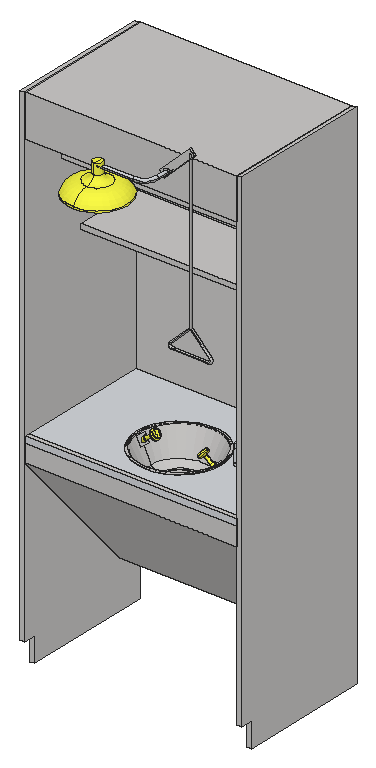
Revit family
Parameters
  Work Surface Panel Depth = 0' - 4"
  Wood Thickness = 0' - 0 3/4"
  Width [instance] = 3' - 0"
  URL = ""
  Special Size [instance] = "SPL"
  Model = ""
  Material [instance] = Stainless Steel
  MasterFormat Section Title = "Casework"
  MasterFormat Section Number = "12 30 00"
  Manufacturer = ""
  Height [instance] = 2' - 10"
  Description = "ADA Sink Base"
  Depth [instance] = 2' - 0"
  Assembly Code = "E2010200"
Reference planes (in)
  plane 1 "Center F/B": y = 0
  plane 2: z = 0
  plane 3 "Center L/R": x = 0
  plane 4: x = 18
  plane 5: x = -18
  plane 6: y = -24
  plane 7 "Top": z = 34
  plane 8: x = 6.88976
Forms (in)
  Extrusion 1, solid, material "Stainless Steel" <- "Material"
    sketch origin (-18, -180, 74.19685) x (0, 0, 1) y (0, -1, 0)
      loop
        line (9.80315, -180) -> (9.80315, -156.75) -> (-70.19685, -156.75) -> (-70.19685, -158.75) -> (-74.19685, -158.75) -> (-74.19685, -180) -> (9.80315, -180)
    from 0 to 0.75
  Extrusion 2, solid, material "Stainless Steel" <- "Material"
    sketch origin (18, -180, 74.19685) x (0, 0, 1) y (0, -1, 0)
      loop
        line (9.80315, -180) -> (9.80315, -156.75) -> (-70.19685, -156.75) -> (-70.19685, -158.75) -> (-74.19685, -158.75) -> (-74.19685, -180) -> (9.80315, -180)
    from -0.75 to 0
  Extrusion 3, solid, material "Stainless Steel" <- "Material"
    sketch origin (0, 0, 0) x (0, 1, 0) y (0, 0, 1)
      loop
        line (-0.75, 83.25) -> (-0.75, 72) -> (-16, 72) -> (-16, 71.25) -> (-0.75, 71.25) -> (-0.75, 60) -> (-12, 60) -> (-12, 59.25) -> (-0.75, 59.25) -> (-0.75, 8.49967) -> (-3.65714, 8.49967) -> (-22.5, 30.27941) -> (-22.5, 34) -> (-23.25, 34) -> (-23.25, 30) -> (-4, 7.74967) -> (0, 7.74967) -> (0, 84) -> (-23.25, 84) -> (-23.25, 77.25) -> (-22.5, 77.25) -> (-22.5, 83.25) -> (-0.75, 83.25)
    from -17.25 to 17.25
  Revolve 4, solid, material "Plastic_Yellow"
    sketch origin (0, 8.93292, -5.37008) x (0, -1, 0) y (0, 0, -1)
      loop
        line (38.97032, -88.41872) -> (38.97032, -83.85827) -> (34.44276, -83.85827) -> (34.44276, -83.66142) -> (34.04906, -83.66142) -> (34.04906, -83.85827)
        arc (34.04906, -83.85827) -> (35.16685, -85.1488) -> (36.80497, -85.62992) r 3.02931
        arc (36.80497, -85.62992) -> (37.7124, -85.9656) -> (38.18292, -86.81102) r 1.39436
        line (38.18292, -86.81102) -> (38.18292, -88.41872) -> (38.97032, -88.41872)
      axis (38.97032, -83.66142) -> (38.97032, -88.41872)
    angle from 0 to 360
  Extrusion 5, solid, material "Stainless Steel"
    sketch origin (-5.23319, -24.13011, -9.9439) x (1, 0, 0) y (0, 0, -1)
      loop
        circle (13.18898, -92.51969) r 0.3937
    from 0 to -1.9685
  Extrusion 6, solid, material "Stainless Steel"
    sketch origin (-5.23319, -24.13011, -9.9439) x (1, 0, 0) y (0, 0, -1)
      loop
        line (16.94722, -97.1131) -> (17.78239, -96.27793) -> (12.91059, -91.40613) -> (12.07542, -92.2413) -> (16.94722, -97.1131)
    from -1.77165 to -1.5748
  Sweep 7, solid, material "Stainless Steel"
    path origin (-5.23319, -24.13011, -9.9439) x (1, 0, 0) y (0, 0, -1)
      loop
        line (16.94722, -96.25984) -> (16.94722, -70.86614) -> (13.6823, -67.60122)
        arc (13.6823, -67.60122) -> (13.59696, -67.17217) -> (13.96069, -66.92913) r 0.3937
        line (13.96069, -66.92913) -> (19.93375, -66.92913)
        arc (19.93375, -66.92913) -> (20.29748, -67.17217) -> (20.21214, -67.60122) r 0.3937
        line (20.21214, -67.60122) -> (17.08642, -70.72695)
    profile origin (11.71403, -24.13011, 73.61909) x (0, 1, 0) y (-1, 0, 0)
      loop
        circle (-1.67323, 0) r 0.13919
  Revolve 8, solid, material "Stainless Steel"
    sketch origin (0, 4.6437, -5.37008) x (0, -1, 0) y (0, 0, -1)
      loop
        line (18.11024, -34.44882) -> (18.11024, -32.87402) -> (17.20472, -32.87402) -> (17.20472, -34.05512) -> (17.08661, -34.05512) -> (17.08661, -34.44882) -> (18.11024, -34.44882)
      axis (18.11024, -34.44882) -> (18.11024, -32.87402)
    angle from 0 to 360
  Sweep 9, solid, material "Stainless Steel"
    path origin (-1.5748, 4.6437, -5.37008) x (1, 0, 0) y (0, 1, 0)
      loop
        circle (1.5748, -18.11024) r 6.88976
    profile origin (0, -20.3563, -5.37008) x (0, -1, 0) y (0, 0, 1)
      loop
        line (0, 39.37008) -> (-0.3443, 39.37008) -> (-2.2625, 35.25649) -> (-3.52504, 34.52756) -> (-3.89764, 34.52756) -> (-3.89764, 34.44882) -> (-3.50394, 34.44882) -> (-2.20163, 35.20071) -> (-0.29413, 39.29134) -> (-0.07874, 39.29134) -> (-0.07874, 38.97638) -> (0, 38.97638) -> (0, 39.37008)
  Extrusion 10, solid, material "Stainless Steel"
    sketch origin (-1.5748, 4.6437, 29.07874) x (0, -1, 0) y (1, 0, 0)
      loop
        circle (18.11024, 1.5748) r 0.7874
      loop
        circle (18.11024, 1.5748) r 2.95276
    from 0 to 0.07874
  Revolve 11, solid, material "Plastic_Yellow"
    sketch origin (-4.54331, -13.46654, -6.87008) x (0, 0, -1) y (1, 0, 0)
      loop
        line (-39.96992, 10.60491) -> (-41.50504, 8.41252)
        arc (-41.50504, 8.41252) -> (-41.29929, 8.18612) -> (-41.11205, 7.94418) r 3.87124
        line (-41.11205, 7.94418) -> (-41.04755, 7.89901)
        arc (-41.04755, 7.89901) -> (-40.9593, 7.87945) -> (-40.88306, 7.92802) r 0.11811
        line (-40.88306, 7.92802) -> (-40.77242, 8.08602)
        arc (-40.77242, 8.08602) -> (-40.75106, 8.15377) -> (-40.77242, 8.22151) r 0.11811
        line (-40.77242, 8.22151) -> (-41.01398, 8.5665)
        arc (-41.01398, 8.5665) -> (-41.03534, 8.63425) -> (-41.01398, 8.70199) r 0.11811
        line (-41.01398, 8.70199) -> (-40.22805, 9.82442) -> (-40.1313, 9.75667) -> (-39.67967, 10.40167) -> (-39.96992, 10.60491)
      axis (-41.5958, 8.2829) -> (-39.96992, 10.60491)
    angle from 0 to 360
  Extrusion 12, solid, material "Stainless Steel"
    sketch origin (-4.54331, -13.46654, -6.87008) x (0, 0, -1) y (1, 0, 0)
      loop
        line (-39.37008, 10.08877) -> (-39.37008, 10.43307) -> (-40.61953, 11.0157) -> (-40.7514, 10.7329) -> (-39.37008, 10.08877)
    from -0.7874 to 0.7874
  Revolve 13, solid, material "Plastic_Yellow"
    sketch origin (4.54331, -13.46654, -6.87008) x (0, 0, -1) y (1, 0, 0)
      loop
        line (-39.96992, -10.60491) -> (-39.67967, -10.40167) -> (-40.1313, -9.75667) -> (-40.22805, -9.82442) -> (-41.01398, -8.70199)
        arc (-41.01398, -8.70199) -> (-41.03534, -8.63425) -> (-41.01398, -8.5665) r 0.11811
        line (-41.01398, -8.5665) -> (-40.77242, -8.22151)
        arc (-40.77242, -8.22151) -> (-40.75106, -8.15377) -> (-40.77242, -8.08602) r 0.11811
        line (-40.77242, -8.08602) -> (-40.88306, -7.92802)
        arc (-40.88306, -7.92802) -> (-40.9593, -7.87945) -> (-41.04755, -7.89901) r 0.11811
        line (-41.04755, -7.89901) -> (-41.11205, -7.94418)
        arc (-41.11205, -7.94418) -> (-41.29929, -8.18612) -> (-41.50504, -8.41252) r 3.87124
        line (-41.50504, -8.41252) -> (-39.96992, -10.60491)
      axis (-41.5958, -8.2829) -> (-39.96992, -10.60491)
    angle from 0 to 360
  Extrusion 14, solid, material "Stainless Steel"
    sketch origin (4.54331, -13.46654, -6.87008) x (0, 0, -1) y (1, 0, 0)
      loop
        line (-39.37008, -10.08877) -> (-40.7514, -10.7329) -> (-40.61953, -11.0157) -> (-39.37008, -10.43307) -> (-39.37008, -10.08877)
    from -0.7874 to 0.7874
  Extrusion 15, solid
    sketch origin (-52.99803, -180, 34) x (-1, 0, 0) y (0, -1, 0)
      loop
        line (-35.74803, -179.25) -> (-35.74803, -156.75) -> (-70.24803, -156.75) -> (-70.24803, -179.25) -> (-35.74803, -179.25)
      loop
        circle (-52.99803, -166.53346) r 6.54547
    from -0.9806 to 0
  Sweep 16, solid
    path origin (-52.99803, -180, 34) x (-1, 0, 0) y (0, -1, 0)
      loop
        line (-60.99803, -156) -> (-60.99803, -152)
        arc (-60.99803, -152) -> (-60.41224, -150.58579) -> (-58.99803, -150) r 2
        line (-58.99803, -150) -> (-52.99803, -150)
    profile origin (8, -26, 34) x (1, 0, 0) y (0, 0, 1)
      loop
        circle (0, 48.5) r 0.25
  Revolve 17, solid
    sketch origin (0, -12, 60) x (0, 0, -1) y (1, 0, 0)
      loop
        line (26, 8.5) -> (26, 9.15655) -> (25.5625, 9.15655) -> (25.5625, 9.03155) -> (25.5, 9.03155) -> (25.5, 9.15655) -> (23.5, 9.15655) -> (23.5, 9) -> (23, 9) -> (23, 8.5) -> (26, 8.5)
      axis (23, 8.5) -> (26, 8.5)
    angle from 0 to 360
  Revolve 18, solid
    sketch origin (2.49971, -11.96453, 59.98531) x (0, 0, -1) y (1, 0, 0)
      loop
        line (26, 8.5) -> (26, 9.15655) -> (25.5625, 9.15655) -> (25.5625, 9.03155) -> (25.5, 9.03155) -> (25.5, 9.15655) -> (23.5, 9.15655) -> (23.5, 9) -> (23, 9) -> (23, 8.5) -> (26, 8.5)
      axis (23, 8.5) -> (26, 8.5)
    angle from 0 to 360
  Extrusion 19, solid
    sketch origin (-52.99803, -180, 34) x (-1, 0, 0) y (0, -1, 0)
      loop
        line (-64.99803, -168) -> (-64.99803, -167.75) -> (-70.24803, -167.75) -> (-70.24803, -168) -> (-64.99803, -168)
    from 3 to 7
Lines and regions (in)
  Masking region 1
    outline origin (-52.99803, -180, 34) x (-1, 0, 0) y (0, -1, 0)
      loop
        line (-34.99803, -180) -> (-34.99803, -156) -> (-70.99803, -156) -> (-70.99803, -180) -> (-34.99803, -180)
  symbolic lines
    curve 1: line (-18, 0, 0) -> (-18, -24, 0)
    curve 2: line (-18, -24, 0) -> (18, -24, 0)
    curve 3: line (18, -24, 0) -> (18, 0, 0)
    curve 4: line (18, 0, 0) -> (-18, 0, 0)
Dimensions and locks (in)
  equal spacing: plane 4, plane 3 "Center L/R", plane 5
  "Width": plane 4 to plane 5
  locked: plane 1 "Center F/B" to plane 6 at 24
  "Height": plane 7 "Top" to plane 2
  "Wood Thickness": Extrusion 1 sketch curve to plane 6
  "Wood Thickness": Extrusion 1 to Extrusion 1
  "Wood Thickness": Extrusion 2 sketch curve to plane 6
  "Wood Thickness": Extrusion 2 to Extrusion 2
  "Wood Thickness": Extrusion 3 sketch curve to Extrusion 3 sketch curve  (x4)
  "Wood Thickness": Extrusion 3 sketch curve to plane 6
  "Work Surface Panel Depth": Extrusion 3 sketch curve to Extrusion 3 sketch curve
  aligned and locked: plane 1 "Center F/B" to Extrusion 1 sketch curve
  aligned and locked: plane 2 to Extrusion 1 sketch curve
  aligned and locked: Extrusion 1 to plane 5
  aligned and locked: plane 1 "Center F/B" to Extrusion 2 sketch curve
  aligned and locked: plane 2 to Extrusion 2 sketch curve
  aligned and locked: plane 4 to Extrusion 2
  aligned and locked: plane 1 "Center F/B" to Extrusion 3 sketch curve
  aligned and locked: Extrusion 3 sketch curve to plane 7 "Top"
  aligned and locked: Extrusion 3 to Extrusion 1
  aligned and locked: Extrusion 3 to Extrusion 2
  aligned and locked: curve 1 to plane 5
  aligned and locked: curve 4 to plane 1 "Center F/B"
  aligned and locked: plane 4 to curve 3
  aligned and locked: plane 6 to curve 2
  aligned and locked: Masking region 1 sketch curve to plane 4
  aligned and locked: plane 1 "Center F/B" to Masking region 1 sketch curve
  aligned and locked: plane 5 to Masking region 1 sketch curve
  aligned and locked: Masking region 1 sketch curve to plane 6
  aligned and locked: Extrusion 2 sketch curve to Extrusion 1
  aligned and locked: Extrusion 1 to Extrusion 15 sketch curve
  aligned and locked: Extrusion 3 to Extrusion 15 sketch curve
  aligned and locked: Extrusion 2 to Extrusion 15 sketch curve
  aligned and locked: Extrusion 15 sketch curve to Sweep 9
  aligned: plane 7 "Top" to Extrusion 15
  aligned and locked: plane 7 "Top" to Extrusion 15
  aligned and locked: Extrusion 15 sketch curve to Extrusion 3
Automatic sketch dimensions
  Extrusion 1 sketch curve to Extrusion 1 sketch curve = 0' - 4"
  plane 7 "Top" to Extrusion 1 sketch curve = 4' - 2"
  Extrusion 1 sketch curve to plane 6 = 0' - 2 3/4"
  Extrusion 2 sketch curve to Extrusion 2 sketch curve = 0' - 4"
  Extrusion 2 sketch curve to plane 6 = 0' - 2 3/4"
  Extrusion 3 sketch curve to plane 6 = 0' - 0 3/4"
  Extrusion 3 sketch curve to Extrusion 3 sketch curve = 0' - 0 3/4"  (x4)
  Extrusion 3 sketch curve to plane 6 = 0' - 8"
  Extrusion 3 sketch curve to Extrusion 3 sketch curve = 0' - 4"
  Extrusion 3 sketch curve to Extrusion 3 sketch curve = 0' - 0.34286"
  plane 1 "Center F/B" to Extrusion 3 sketch curve = 0' - 0 3/4"  (x2)
  Extrusion 3 sketch curve to Extrusion 3 sketch curve = 0' - 3.72059"
  plane 7 "Top" to Extrusion 3 sketch curve = 2' - 1 1/4"
  Extrusion 3 sketch curve to Extrusion 3 sketch curve = 0' - 11 1/4"
  Extrusion 3 sketch curve to Extrusion 3 sketch curve = 0' - 5 1/4"
  Extrusion 3 sketch curve to Extrusion 3 sketch curve = 0' - 6"
  plane 6 to Revolve 4 sketch curve = 0' - 1.11614"
  Revolve 4 sketch curve to Revolve 4 sketch curve = 0' - 0.3937"  (x2)
  plane 6 to Revolve 4 sketch curve = 0' - 3.87205"
  Revolve 4 sketch curve to Revolve 4 sketch curve = 0' - 1.37795"
  Revolve 4 sketch curve to Revolve 4 sketch curve = 0' - 0.7874"
  Revolve 4 sketch curve to Revolve 4 sketch curve = 0' - 0"  (x4)
  plane 7 "Top" to Revolve 4 sketch curve = 4' - 1.04864"
  Revolve 4 sketch curve to Revolve 4 sketch curve = 0' - 1.21399"
  Revolve 4 sketch curve to Revolve 4 sketch curve = 0' - 1.39444"
  Revolve 4 sketch curve to Revolve 4 sketch curve = 0' - 1.77165"
  Revolve 4 sketch curve to Revolve 4 sketch curve = 0' - 0.19685"
  plane 3 "Center L/R" to Extrusion 5 sketch curve = 0' - 7.95578"
  plane 7 "Top" to Extrusion 5 sketch curve = 4' - 0.57578"
  plane 3 "Center L/R" to Extrusion 6 sketch curve = 0' - 6.84223"
  Extrusion 6 sketch curve to Extrusion 6 sketch curve = 0' - 0.83517"  (x2)
  Extrusion 6 sketch curve to plane 4 = 0' - 6.28597"
  plane 7 "Top" to Extrusion 6 sketch curve = 4' - 5.16919"
  plane 3 "Center L/R" to Sweep 7 sketch curve = 0' - 8.44911"
  Sweep 7 sketch curve to Sweep 7 sketch curve = 0' - 0.27839"  (x3)
  Sweep 7 sketch curve to Sweep 7 sketch curve = 0' - 3.26492"  (x2)
  Sweep 7 sketch curve to Sweep 7 sketch curve = 0' - 0.13919"  (x2)
  Sweep 7 sketch curve to plane 4 = 0' - 3.29944"
  plane 7 "Top" to Sweep 7 sketch curve = 4' - 4.31594"
  Sweep 7 sketch curve to Sweep 7 sketch curve = 2' - 1.3937"
  Sweep 7 sketch curve to Sweep 7 sketch curve = 0' - 3.12572"
  Sweep 7 sketch curve to profile plane = 0' - 0"
  Sweep 7 sketch curve to profile plane = 0' - 1.67323"
  Revolve 8 sketch curve to plane 7 "Top" = 0' - 5.31496"
  Revolve 8 sketch curve to plane 6 = 0' - 11.55709"
  Revolve 8 sketch curve to Revolve 8 sketch curve = 0' - 0.11811"
  Revolve 8 sketch curve to Revolve 8 sketch curve = 0' - 0.90551"
  Revolve 8 sketch curve to Revolve 8 sketch curve = 0' - 0"  (x3)
  Revolve 8 sketch curve to Revolve 8 sketch curve = 0' - 0.3937"
  Revolve 8 sketch curve to Revolve 8 sketch curve = 0' - 1.1811"
  Sweep 9 sketch curve to plane 3 "Center L/R" = 0' - 0"
  Sweep 9 sketch curve to plane 6 = 0' - 10.53346"
  Sweep 9 sketch curve to profile plane = 0' - 0"
  profile plane to Sweep 9 sketch curve = 0' - 0.07874"
  Sweep 9 sketch curve to Sweep 9 sketch curve = 0' - 0.21539"
  Sweep 9 sketch curve to Sweep 9 sketch curve = 0' - 0.05016"
  profile plane to Sweep 9 sketch curve = 0' - 2.20163"
  Sweep 9 sketch curve to Sweep 9 sketch curve = 0' - 0.06087"
  Sweep 9 sketch curve to Sweep 9 sketch curve = 0' - 1.24144"
  Sweep 9 sketch curve to Sweep 9 sketch curve = 0' - 0.0211"
  Sweep 9 sketch curve to Sweep 9 sketch curve = 0' - 0.3726"
  profile plane to Sweep 9 sketch curve = 2' - 10.44882"
  Sweep 9 sketch curve to Sweep 9 sketch curve = 0' - 0.07874"  (x2)
  Sweep 9 sketch curve to Sweep 9 sketch curve = 0' - 0.67315"
  Sweep 9 sketch curve to Sweep 9 sketch curve = 0' - 0.05578"
  Sweep 9 sketch curve to Sweep 9 sketch curve = 0' - 3.71989"
  Sweep 9 sketch curve to Sweep 9 sketch curve = 0' - 0.31496"
  Extrusion 10 sketch curve to Extrusion 10 sketch curve = 0' - 0"  (x2)
  Extrusion 10 sketch curve to plane 3 "Center L/R" = 0' - 0"
  Extrusion 10 sketch curve to plane 6 = 0' - 10.53346"
  plane 3 "Center L/R" to Revolve 11 sketch curve = 0' - 1.15443"
  plane 7 "Top" to Revolve 11 sketch curve = 0' - 3.39475"
  plane 7 "Top" to Revolve 11 sketch curve = 0' - 0.63496"
  Revolve 11 sketch curve to Revolve 11 sketch curve = 0' - 0"  (x5)
  plane 7 "Top" to Revolve 11 sketch curve = 0' - 0.24197"
  Revolve 11 sketch curve to Revolve 11 sketch curve = 0' - 0.0645"
  plane 7 "Top" to Revolve 11 sketch curve = 0' - 0.1439"
  plane 7 "Top" to Revolve 11 sketch curve = 0' - 0.10973"
  plane 7 "Top" to Revolve 11 sketch curve = 0' - 0.04715"
  plane 7 "Top" to Revolve 11 sketch curve = 0' - 0.01298"
  Revolve 11 sketch curve to plane 7 "Top" = 0' - 0.00091"
  Revolve 11 sketch curve to plane 7 "Top" = 0' - 0 25/256"  (x2)
  Revolve 11 sketch curve to plane 7 "Top" = 0' - 0.64203"
  Revolve 11 sketch curve to Revolve 11 sketch curve = 0' - 0.09675"
  Revolve 11 sketch curve to Revolve 11 sketch curve = 0' - 0.25813"
  Revolve 11 sketch curve to Revolve 11 sketch curve = 0' - 0.29025"
  plane 3 "Center L/R" to Revolve 11 sketch curve = 0' - 3.35571"
  Revolve 11 sketch curve to Revolve 11 sketch curve = 0' - 0.029"
  Revolve 11 sketch curve to Revolve 11 sketch curve = 0' - 0.04516"
  Revolve 11 sketch curve to Revolve 11 sketch curve = 0' - 0.15801"
  Revolve 11 sketch curve to Revolve 11 sketch curve = 0' - 0.06775"  (x2)
  Revolve 11 sketch curve to Revolve 11 sketch curve = 0' - 0.34499"
  Extrusion 12 sketch curve to plane 7 "Top" = 0' - 0.11868"
  Extrusion 12 sketch curve to plane 7 "Top" = 0' - 0.25055"
  Extrusion 12 sketch curve to Extrusion 12 sketch curve = 0' - 1.24945"
  plane 3 "Center L/R" to Extrusion 12 sketch curve = 0' - 5.54547"
  Extrusion 12 sketch curve to Extrusion 12 sketch curve = 0' - 0.3443"
  Revolve 13 sketch curve to plane 3 "Center L/R" = 0' - 1.15443"
  plane 7 "Top" to Revolve 13 sketch curve = 0' - 3.39475"
  plane 7 "Top" to Revolve 13 sketch curve = 0' - 0.63496"
  Revolve 13 sketch curve to Revolve 13 sketch curve = 0' - 0"  (x5)
  plane 7 "Top" to Revolve 13 sketch curve = 0' - 0.24197"
  Revolve 13 sketch curve to Revolve 13 sketch curve = 0' - 0.0645"
  plane 7 "Top" to Revolve 13 sketch curve = 0' - 0.1439"
  plane 7 "Top" to Revolve 13 sketch curve = 0' - 0.10973"
  plane 7 "Top" to Revolve 13 sketch curve = 0' - 0.04715"
  plane 7 "Top" to Revolve 13 sketch curve = 0' - 0.01298"
  Revolve 13 sketch curve to plane 7 "Top" = 0' - 0.00091"
  Revolve 13 sketch curve to plane 7 "Top" = 0' - 0 25/256"  (x2)
  Revolve 13 sketch curve to plane 7 "Top" = 0' - 0.64203"
  Revolve 13 sketch curve to Revolve 13 sketch curve = 0' - 0.09675"
  Revolve 13 sketch curve to Revolve 13 sketch curve = 0' - 0.25813"
  Revolve 13 sketch curve to Revolve 13 sketch curve = 0' - 0.29025"
  Revolve 13 sketch curve to plane 3 "Center L/R" = 0' - 3.35571"
  Revolve 13 sketch curve to Revolve 13 sketch curve = 0' - 0.029"
  Revolve 13 sketch curve to Revolve 13 sketch curve = 0' - 0.04516"
  Revolve 13 sketch curve to Revolve 13 sketch curve = 0' - 0.15801"
  Revolve 13 sketch curve to Revolve 13 sketch curve = 0' - 0.06775"  (x2)
  Revolve 13 sketch curve to Revolve 13 sketch curve = 0' - 0.34499"
  Extrusion 14 sketch curve to plane 7 "Top" = 0' - 0.11868"
  Extrusion 14 sketch curve to plane 7 "Top" = 0' - 0.25055"
  Extrusion 14 sketch curve to Extrusion 14 sketch curve = 0' - 1.24945"
  Extrusion 14 sketch curve to plane 3 "Center L/R" = 0' - 6.47239"
  Extrusion 14 sketch curve to Extrusion 14 sketch curve = 0' - 0.2828"
  plane 6 to Sweep 16 sketch curve = 0' - 0"
  Sweep 16 sketch curve to plane 3 "Center L/R" = 0' - 0"
  plane 3 "Center L/R" to Sweep 16 sketch curve = 0' - 6"
  Sweep 16 sketch curve to Sweep 16 sketch curve = 0' - 2"
  Sweep 16 sketch curve to Sweep 16 sketch curve = 0' - 4"
  profile plane to Sweep 16 sketch curve = 0' - 0"
  plane 7 "Top" to Sweep 16 sketch curve = 4' - 0 1/2"
  Extrusion 3 to Revolve 17 sketch curve = 0' - 8 3/4"
  Extrusion 3 to Revolve 17 sketch curve = 1' - 10 1/4"
  Revolve 17 sketch curve to Revolve 17 sketch curve = 0' - 0"  (x4)
  Revolve 17 sketch curve to Revolve 17 sketch curve = 0' - 0 1/2"  (x2)
  Revolve 17 sketch curve to Revolve 17 sketch curve = 0' - 2"
  Revolve 17 sketch curve to Revolve 17 sketch curve = 0' - 0 1/16"
  Revolve 17 sketch curve to Revolve 17 sketch curve = 0' - 0 7/16"
  Revolve 17 sketch curve to Revolve 17 sketch curve = 0' - 0.53155"
  Revolve 17 sketch curve to Revolve 17 sketch curve = 0' - 0 1/8"
  plane 7 "Top" to Revolve 18 sketch curve = 0' - 2.98531"
  Revolve 18 sketch curve to Revolve 18 sketch curve = 0' - 0"  (x4)
  Revolve 18 sketch curve to Revolve 18 sketch curve = 0' - 0 1/2"  (x2)
  plane 7 "Top" to Revolve 18 sketch curve = 0' - 0.48531"
  Revolve 18 sketch curve to Revolve 18 sketch curve = 0' - 0 1/16"
  Revolve 18 sketch curve to plane 7 "Top" = 0' - 0.01469"
  Revolve 18 sketch curve to plane 4 = 0' - 7.00029"
  Revolve 18 sketch curve to Revolve 18 sketch curve = 0' - 0.53155"
  Revolve 18 sketch curve to Revolve 18 sketch curve = 0' - 0 1/8"
  Extrusion 19 sketch curve to plane 4 = 0' - 0 3/4"
  Extrusion 19 sketch curve to Extrusion 19 sketch curve = 0' - 5 1/4"
  plane 1 "Center F/B" to Extrusion 19 sketch curve = 1' - 0"
  Extrusion 19 sketch curve to Extrusion 19 sketch curve = 0' - 0 1/4"
  radius of Extrusion 5 sketch curve = 0' - 0.3937"
  radius of Sweep 7 sketch curve = 0' - 0.13919"
  radius of Sweep 9 sketch curve = 0' - 6.88976"
  radius of Extrusion 10 sketch curve = 0' - 0.7874"
  radius of Extrusion 10 sketch curve = 0' - 2.95276"
  radius of Sweep 16 sketch curve = 0' - 0 1/4"
